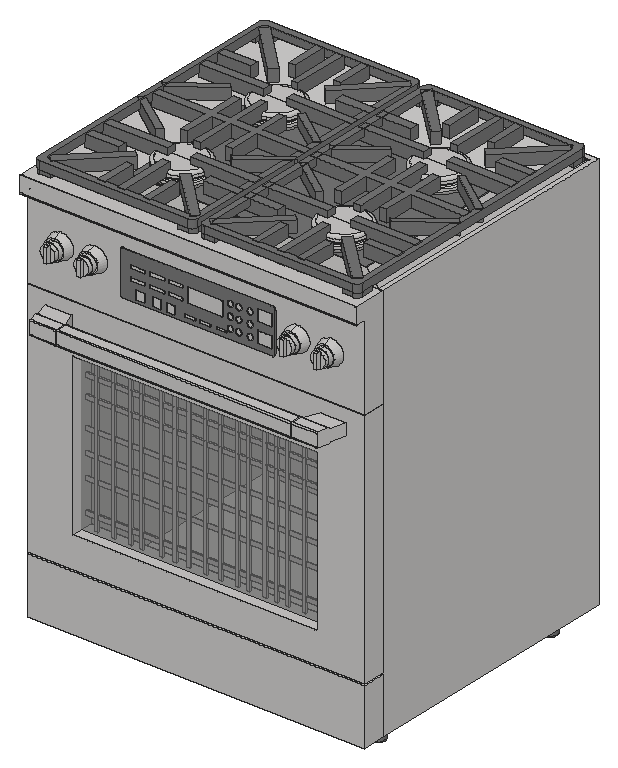
Revit family "HDPR30S_Revit", category Specialty Equipment, Revit 2014 (continued)
Automatic sketch dimensions
  Extrusion 22 sketch curve to Extrusion 22 sketch curve = 0.70105"
  Extrusion 22 sketch curve to Extrusion 22 sketch curve = 1.10129"
  Extrusion 22 sketch curve to Extrusion 22 sketch curve = 1/4"  (x12)
  plane 3 "Center (Left/Right)" to Extrusion 22 sketch curve = 0.32502"
  Extrusion 22 sketch curve to Extrusion 22 sketch curve = 0.99055"
  Extrusion 22 sketch curve to Extrusion 22 sketch curve = 0.53544"
  Extrusion 22 sketch curve to Extrusion 22 sketch curve = 0.52318"
  Extrusion 22 sketch curve to Extrusion 22 sketch curve = 0.88347"
  Extrusion 22 sketch curve to Extrusion 22 sketch curve = 0.68155"  (x2)
  Extrusion 22 sketch curve to Extrusion 22 sketch curve = 0.32126"
  Extrusion 22 sketch curve to Extrusion 22 sketch curve = 3/4"  (x5)
  Extrusion 22 sketch curve to Extrusion 22 sketch curve = 1"  (x4)
  Extrusion 22 sketch curve to Extrusion 22 sketch curve = 0.713"  (x2)
  Extrusion 22 sketch curve to Extrusion 22 sketch curve = 1 1/4"
  Extrusion 22 sketch curve to Extrusion 22 sketch curve = 0.01366"  (x2)
  Extrusion 22 sketch curve to plane 14 = 5.68344"
  Extrusion 22 sketch curve to Extrusion 22 sketch curve = 0.00715"  (x2)
  Extrusion 22 sketch curve to Extrusion 22 sketch curve = 0.17667"
  Extrusion 22 sketch curve to Extrusion 22 sketch curve = 0.1874"  (x3)
  Extrusion 22 sketch curve to Extrusion 22 sketch curve = 0.35692"
  Extrusion 22 sketch curve to Extrusion 22 sketch curve = 0.7389"  (x2)
  Extrusion 22 sketch curve to Extrusion 22 sketch curve = 0.62804"
  Extrusion 22 sketch curve to Extrusion 22 sketch curve = 0.75287"
  Extrusion 22 sketch curve to Extrusion 22 sketch curve = 1.00287"
  Extrusion 22 sketch curve to Extrusion 22 sketch curve = 0.72785"
  Extrusion 22 sketch curve to Extrusion 22 sketch curve = 0.52215"
  Extrusion 22 sketch curve to Extrusion 22 sketch curve = 0.47785"
  Extrusion 22 sketch curve to Extrusion 22 sketch curve = 0.41236"
  Extrusion 23 sketch curve to Extrusion 22 = 0"  (x53)
  Extrusion 22 to Extrusion 23 sketch curve = 0"  (x7)
  Extrusion 24 sketch curve to Extrusion 1 = 0"  (x4)
  Blend 25 sketch curve to Extrusion 1 = 0"
  Extrusion 1 to Blend 25 sketch curve = 0"
  Extrusion 1 to Blend 25 sketch curve = 29"
  Extrusion 1 to Blend 25 sketch curve = 0.60405"
  Extrusion 1 to Blend 25 sketch curve = 3.0506"
  Extrusion 1 to Blend 25 sketch curve = 2.80878"
  Blend 25 sketch curve to Blend 25 sketch curve = 23"
  Extrusion 1 to Blend 25 sketch curve = 4.19122"
  Blend 26 sketch curve to plane 5 = 0"
  plane 6 to Blend 26 sketch curve = 0.54402"
  Blend 26 sketch curve to plane 7 = 0.33098"
  Blend 26 sketch curve to plane 4 = 0.60405"
  plane 6 to Blend 26 sketch curve = 4.59462"
  Blend 26 sketch curve to plane 7 = 4.28038"
  plane 5 to Blend 26 sketch curve = 3.54791"
  Blend 26 sketch curve to plane 4 = 4.93035"
  Blend 25 to Extrusion 27 sketch curve = 0.73913"  (x2)
  Blend 25 to Extrusion 27 sketch curve = 1"  (x2)
  plane 8 to Revolve 28 sketch curve = 1/32"
  plane 6 to Revolve 28 sketch curve = 5 9/16"
  Revolve 28 sketch curve to plane 8 = 0.3223"
  Revolve 28 sketch curve to Revolve 28 sketch curve = 0"  (x2)
  Revolve 28 sketch curve to Revolve 28 sketch curve = 0.08277"
  Revolve 28 sketch curve to plane 8 = 0.09852"
  Revolve 28 sketch curve to Revolve 28 sketch curve = 0.047"  (x2)
  Revolve 28 sketch curve to plane 8 = 0.19253"
  plane 14 to Revolve 28 sketch curve = 0.70035"
  Revolve 28 sketch curve to Revolve 28 sketch curve = 0.1853"
  Revolve 28 sketch curve to Revolve 28 sketch curve = 1/4"
  Revolve 28 sketch curve to Revolve 28 sketch curve = 0.0647"
  plane 14 to Revolve 28 sketch curve = 0.55589"
  Revolve 28 sketch curve to Revolve 28 sketch curve = 0.53915"
  Revolve 28 sketch curve to plane 14 = 0.23056"
  Revolve 28 sketch curve to Revolve 28 sketch curve = 0.45405"
  Revolve 28 sketch curve to Revolve 28 sketch curve = 1.0715"
  plane 8 to Revolve 28 sketch curve = 9/32"
  plane 14 to Revolve 28 sketch curve = 0.63472"
  Revolve 28 sketch curve to Revolve 28 sketch curve = 0.10347"
  plane 8 to Revolve 30 sketch curve = 1/32"
  plane 6 to Revolve 30 sketch curve = 5 9/16"
  Revolve 30 sketch curve to plane 8 = 0.3223"
  Revolve 30 sketch curve to Revolve 30 sketch curve = 0"  (x2)
  Revolve 30 sketch curve to Revolve 30 sketch curve = 0.08277"
  Revolve 30 sketch curve to plane 8 = 0.09852"
  Revolve 30 sketch curve to Revolve 30 sketch curve = 0.047"  (x2)
  Revolve 30 sketch curve to plane 8 = 0.19253"
  plane 14 to Revolve 30 sketch curve = 0.70035"
  Revolve 30 sketch curve to Revolve 30 sketch curve = 0.1853"
  Revolve 30 sketch curve to Revolve 30 sketch curve = 1/4"  (x2)
  Revolve 30 sketch curve to Revolve 30 sketch curve = 0.0647"
  plane 14 to Revolve 30 sketch curve = 0.55589"
  Revolve 30 sketch curve to Revolve 30 sketch curve = 0.53915"
  Revolve 30 sketch curve to plane 14 = 0.23056"
  Revolve 30 sketch curve to Revolve 30 sketch curve = 0.45405"
  Revolve 30 sketch curve to Revolve 30 sketch curve = 1.0715"
  Revolve 30 sketch curve to Revolve 30 sketch curve = 0.10347"
  plane 14 to Revolve 30 sketch curve = 0.63472"
  plane 8 to Revolve 31 sketch curve = 1/32"
  Revolve 31 sketch curve to plane 7 = 5 7/16"
  Revolve 31 sketch curve to plane 8 = 0.3223"
  Revolve 31 sketch curve to Revolve 31 sketch curve = 0"  (x2)
  Revolve 31 sketch curve to Revolve 31 sketch curve = 0.08277"
  Revolve 31 sketch curve to plane 8 = 0.09852"
  Revolve 31 sketch curve to Revolve 31 sketch curve = 0.047"  (x2)
  Revolve 31 sketch curve to plane 8 = 0.19253"
  plane 14 to Revolve 31 sketch curve = 0.70035"
  Revolve 31 sketch curve to Revolve 31 sketch curve = 0.1853"
  Revolve 31 sketch curve to Revolve 31 sketch curve = 1/4"  (x2)
  Revolve 31 sketch curve to Revolve 31 sketch curve = 0.0647"
  plane 14 to Revolve 31 sketch curve = 0.55589"
  Revolve 31 sketch curve to Revolve 31 sketch curve = 0.53915"
  Revolve 31 sketch curve to plane 14 = 0.23056"
  Revolve 31 sketch curve to Revolve 31 sketch curve = 0.45405"
  Revolve 31 sketch curve to Revolve 31 sketch curve = 1.0715"
  Revolve 31 sketch curve to Revolve 31 sketch curve = 0.10347"
  plane 14 to Revolve 31 sketch curve = 0.63472"
  plane 8 to Revolve 32 sketch curve = 1/32"
  Revolve 32 sketch curve to plane 7 = 5 7/16"
  Revolve 32 sketch curve to plane 8 = 0.3223"
  Revolve 32 sketch curve to Revolve 32 sketch curve = 0"  (x2)
  Revolve 32 sketch curve to Revolve 32 sketch curve = 0.08277"
  Revolve 32 sketch curve to plane 8 = 0.09852"
  Revolve 32 sketch curve to Revolve 32 sketch curve = 0.047"  (x2)
  Revolve 32 sketch curve to plane 8 = 0.19253"
  plane 14 to Revolve 32 sketch curve = 0.70035"
  Revolve 32 sketch curve to Revolve 32 sketch curve = 0.1853"
  Revolve 32 sketch curve to Revolve 32 sketch curve = 1/4"
  Revolve 32 sketch curve to Revolve 32 sketch curve = 0.0647"
  plane 14 to Revolve 32 sketch curve = 0.55589"
  Revolve 32 sketch curve to Revolve 32 sketch curve = 0.53915"
  Revolve 32 sketch curve to plane 14 = 0.23056"
  Revolve 32 sketch curve to Revolve 32 sketch curve = 0.45405"
  Revolve 32 sketch curve to Revolve 32 sketch curve = 1.0715"
  plane 8 to Revolve 32 sketch curve = 9/32"
  plane 14 to Revolve 32 sketch curve = 0.63472"
  Revolve 32 sketch curve to Revolve 32 sketch curve = 0.10347"
  Extrusion 29 sketch curve to plane 9 = 0"  (x2)
  plane 6 to Extrusion 29 sketch curve = 0.54402"
  Extrusion 29 sketch curve to Extrusion 29 sketch curve = 1/2"  (x8)
  Extrusion 29 sketch curve to Extrusion 29 sketch curve = 0.01964"
  Extrusion 29 sketch curve to Extrusion 29 sketch curve = 0.51964"  (x3)
  Extrusion 29 sketch curve to plane 3 "Center (Left/Right)" = 1.24884"  (x2)
  Extrusion 29 sketch curve to Extrusion 29 sketch curve = 0.49884"  (x4)
  Extrusion 29 sketch curve to plane 3 "Center (Left/Right)" = 1/4"
  plane 3 "Center (Left/Right)" to Extrusion 29 sketch curve = 1/4"
  plane 3 "Center (Left/Right)" to Extrusion 29 sketch curve = 0.74884"
  Extrusion 29 sketch curve to plane 5 = 0.90906"
  Extrusion 29 sketch curve to plane 7 = 1.56366"  (x2)
  Extrusion 29 sketch curve to Extrusion 29 sketch curve = 0.09094"
  Extrusion 29 sketch curve to plane 4 = 1.65906"  (x2)
  Extrusion 29 sketch curve to Extrusion 29 sketch curve = 0.05501"  (x2)
  plane 6 to Extrusion 33 sketch curve = 0.54402"  (x2)
  plane 9 to Extrusion 33 sketch curve = 0.04155"  (x4)
  Extrusion 33 sketch curve to Extrusion 33 sketch curve = 1/2"  (x11)
  Extrusion 33 sketch curve to Extrusion 33 sketch curve = 0.51964"  (x9)
  Extrusion 33 sketch curve to Extrusion 33 sketch curve = 0.38691"  (x8)
  Extrusion 33 sketch curve to plane 3 "Center (Left/Right)" = 1.63575"  (x2)
  Extrusion 33 sketch curve to plane 4 = 0.60405"  (x2)
  Extrusion 33 sketch curve to plane 3 "Center (Left/Right)" = 0.72919"
  Extrusion 33 sketch curve to plane 3 "Center (Left/Right)" = 0.22919"  (x2)
  plane 3 "Center (Left/Right)" to Extrusion 33 sketch curve = 0.22919"  (x2)
  Extrusion 33 sketch curve to Extrusion 33 sketch curve = 0.01964"
  Extrusion 33 sketch curve to plane 7 = 1.95058"  (x2)
  Extrusion 33 sketch curve to Extrusion 33 sketch curve = 0.05501"  (x3)
  Extrusion 33 sketch curve to Extrusion 33 sketch curve = 0.55501"  (x2)
  Extrusion 33 sketch curve to Extrusion 33 sketch curve = 0.41301"  (x8)
  Extrusion 33 sketch curve to plane 4 = 2.07208"
  Extrusion 33 sketch curve to Extrusion 33 sketch curve = 0.96803"  (x2)
  Extrusion 33 sketch curve to Extrusion 33 sketch curve = 0"  (x2)
  plane 1 "Center (Front/Back)" to Extrusion 34 sketch curve = 0"  (x2)
  plane 6 to Extrusion 34 sketch curve = 0.66517"  (x2)
  Extrusion 34 sketch curve to Extrusion 34 sketch curve = 0.35355"  (x26)
  plane 1 "Center (Front/Back)" to Extrusion 34 sketch curve = 0.35355"  (x2)
  plane 6 to Extrusion 34 sketch curve = 1.06366"  (x6)
  Extrusion 34 sketch curve to Extrusion 34 sketch curve = 0.04494"  (x3)
  plane 9 to Extrusion 34 sketch curve = 0.58534"  (x2)
  Extrusion 34 sketch curve to Extrusion 34 sketch curve = 0.53033"  (x13)
  Extrusion 34 sketch curve to plane 4 = 1.1894"
  Extrusion 34 sketch curve to Extrusion 34 sketch curve = 3"  (x4)
  Extrusion 34 sketch curve to Extrusion 34 sketch curve = 0.44434"  (x4)
  Extrusion 34 sketch curve to Extrusion 34 sketch curve = 1.20538"  (x4)
  plane 1 "Center (Front/Back)" to Extrusion 34 sketch curve = 0.88568"
  Extrusion 34 sketch curve to Extrusion 34 sketch curve = 0.93782"  (x4)
  Extrusion 34 sketch curve to Extrusion 34 sketch curve = 0"  (x17)
  Extrusion 34 sketch curve to plane 4 = 1.15906"  (x6)
  Extrusion 34 sketch curve to Extrusion 34 sketch curve = 4.20538"
  Extrusion 34 sketch curve to Extrusion 34 sketch curve = 0.59263"  (x26)
  Extrusion 34 sketch curve to Extrusion 34 sketch curve = 0.41922"  (x2)
  Extrusion 34 sketch curve to Extrusion 34 sketch curve = 1.15737"  (x6)
  plane 9 to Extrusion 34 sketch curve = 0.55501"  (x6)
  Extrusion 34 sketch curve to Extrusion 34 sketch curve = 0.70578"  (x4)
  Extrusion 34 sketch curve to Extrusion 34 sketch curve = 1 5/8"  (x2)
  Extrusion 34 sketch curve to Extrusion 34 sketch curve = 1.65737"  (x4)
  Extrusion 34 sketch curve to Extrusion 34 sketch curve = 0.03237"
  plane 5 to Extrusion 34 sketch curve = 3.19605"
  Extrusion 34 sketch curve to Extrusion 34 sketch curve = 0.43782"  (x3)
  Extrusion 34 sketch curve to Extrusion 34 sketch curve = 1.33038"  (x4)
  Extrusion 34 sketch curve to plane 3 "Center (Left/Right)" = 0.96511"  (x2)
  Extrusion 34 sketch curve to plane 1 "Center (Front/Back)" = 0.00514"
  Extrusion 34 sketch curve to plane 3 "Center (Left/Right)" = 0.75854"
  Extrusion 34 sketch curve to plane 3 "Center (Left/Right)" = 0.44584"
  Extrusion 34 sketch curve to plane 3 "Center (Left/Right)" = 0.40499"
  Extrusion 34 sketch curve to plane 3 "Center (Left/Right)" = 0.34215"  (x2)
  Extrusion 34 sketch curve to plane 3 "Center (Left/Right)" = 0.30978"  (x2)
  Extrusion 34 sketch curve to plane 3 "Center (Left/Right)" = 0.27965"
  Extrusion 34 sketch curve to plane 3 "Center (Left/Right)" = 0.09229"
  plane 3 "Center (Left/Right)" to Extrusion 34 sketch curve = 0.27965"
  plane 3 "Center (Left/Right)" to Extrusion 34 sketch curve = 0.30978"  (x2)
  plane 3 "Center (Left/Right)" to Extrusion 34 sketch curve = 0.34215"  (x2)
  plane 3 "Center (Left/Right)" to Extrusion 34 sketch curve = 0.34878"
  plane 3 "Center (Left/Right)" to Extrusion 34 sketch curve = 0.37256"
  plane 3 "Center (Left/Right)" to Extrusion 34 sketch curve = 0.43478"  (x2)
  plane 1 "Center (Front/Back)" to Extrusion 34 sketch curve = 0.01842"
  plane 9 to Extrusion 34 sketch curve = 0.46034"  (x2)
  Extrusion 34 sketch curve to Extrusion 34 sketch curve = 3.58038"
  Extrusion 34 sketch curve to Extrusion 34 sketch curve = 1.23571"
  Extrusion 34 sketch curve to Extrusion 34 sketch curve = 0.95159"
  Extrusion 34 sketch curve to Extrusion 34 sketch curve = 1.44955"
  Extrusion 34 sketch curve to Extrusion 34 sketch curve = 0.73815"  (x2)
  plane 5 to Extrusion 34 sketch curve = 3.32105"
  Extrusion 34 sketch curve to plane 7 = 1.59399"  (x2)
  Extrusion 34 sketch curve to plane 7 = 1.06366"  (x5)
  Extrusion 34 sketch curve to Extrusion 34 sketch curve = 1.08943"  (x4)
  Extrusion 34 sketch curve to Extrusion 34 sketch curve = 0.96443"  (x4)
  plane 5 to Extrusion 34 sketch curve = 2.97853"
  Extrusion 34 sketch curve to Extrusion 34 sketch curve = 0.21752"  (x2)
  Extrusion 34 sketch curve to Extrusion 34 sketch curve = 0.34252"
  Extrusion 34 sketch curve to Extrusion 34 sketch curve = 0.91057"  (x2)
  Extrusion 34 sketch curve to Extrusion 34 sketch curve = 3/4"  (x10)
  Extrusion 34 sketch curve to Extrusion 34 sketch curve = 1.2427"  (x4)
  Extrusion 34 sketch curve to Extrusion 34 sketch curve = 1.39493"  (x5)
  Extrusion 34 sketch curve to Extrusion 34 sketch curve = 0.767"  (x7)
  Extrusion 34 sketch curve to Extrusion 34 sketch curve = 0.86573"  (x4)
  Extrusion 34 sketch curve to Extrusion 34 sketch curve = 1.26993"  (x5)
  Extrusion 34 sketch curve to Extrusion 34 sketch curve = 0.80065"  (x7)
  plane 1 "Center (Front/Back)" to Extrusion 34 sketch curve = 2.92191"
  Extrusion 34 sketch curve to Extrusion 34 sketch curve = 0.18635"
  Extrusion 34 sketch curve to Extrusion 34 sketch curve = 1.71837"
  Extrusion 34 sketch curve to Extrusion 34 sketch curve = 2.2505"
  plane 1 "Center (Front/Back)" to Extrusion 34 sketch curve = 1.63544"  (x2)
  Extrusion 34 sketch curve to Extrusion 34 sketch curve = 0.61506"
  Extrusion 34 sketch curve to Extrusion 34 sketch curve = 0.74976"  (x2)
  Extrusion 34 sketch curve to plane 1 "Center (Front/Back)" = 0.33513"
  Extrusion 34 sketch curve to plane 1 "Center (Front/Back)" = 0.35869"
  Extrusion 34 sketch curve to plane 1 "Center (Front/Back)" = 1.63778"  (x4)
  Extrusion 34 sketch curve to Extrusion 34 sketch curve = 3.29902"
  Extrusion 34 sketch curve to Extrusion 34 sketch curve = 2.87544"
  Extrusion 34 sketch curve to Extrusion 34 sketch curve = 0.40748"  (x2)
  Extrusion 34 sketch curve to Extrusion 34 sketch curve = 0.53248"  (x2)
  plane 6 to Extrusion 35 sketch curve = 4.82012"
  Extrusion 35 sketch curve to Extrusion 35 sketch curve = 75/256"  (x15)
  Extrusion 35 sketch curve to Extrusion 35 sketch curve = 0.69186"  (x2)
  Extrusion 35 sketch curve to plane 3 "Center (Left/Right)" = 0.43368"
  Extrusion 35 sketch curve to plane 3 "Center (Left/Right)" = 0.14073"
  Extrusion 35 sketch curve to Extrusion 35 sketch curve = 181/256"  (x2)
  plane 10 to Extrusion 35 sketch curve = 7.79033"
  Extrusion 35 sketch curve to Extrusion 35 sketch curve = 0"  (x30)
  Extrusion 35 sketch curve to plane 14 = 11.95967"
  Extrusion 35 sketch curve to Extrusion 35 sketch curve = 1 53/256"  (x4)
  Extrusion 35 sketch curve to Extrusion 35 sketch curve = 1 117/256"
  Extrusion 35 sketch curve to Extrusion 35 sketch curve = 0.93149"  (x2)
  plane 3 "Center (Left/Right)" to Extrusion 35 sketch curve = 0.89073"
  Extrusion 35 sketch curve to Extrusion 35 sketch curve = 1.18149"  (x2)
  plane 6 to Extrusion 36 sketch curve = 3.95746"  (x2)
  Extrusion 36 sketch curve to Extrusion 36 sketch curve = 0"  (x9)
  Extrusion 36 sketch curve to plane 7 = 4.16754"
  plane 10 to Extrusion 36 sketch curve = 8.84665"
  Extrusion 36 sketch curve to Extrusion 36 sketch curve = 0.38211"  (x6)
  Extrusion 36 sketch curve to Extrusion 36 sketch curve = 2.36789"
  Extrusion 36 sketch curve to Extrusion 36 sketch curve = 1.61789"  (x2)
  Extrusion 36 sketch curve to Extrusion 36 sketch curve = 2.11789"
  Extrusion 36 sketch curve to Extrusion 36 sketch curve = 1.36789"
  radius of Extrusion 22 sketch curve = 1/4"  (x9)
  radius of Extrusion 23 sketch curve to Extrusion 22 = 0"  (x9)
